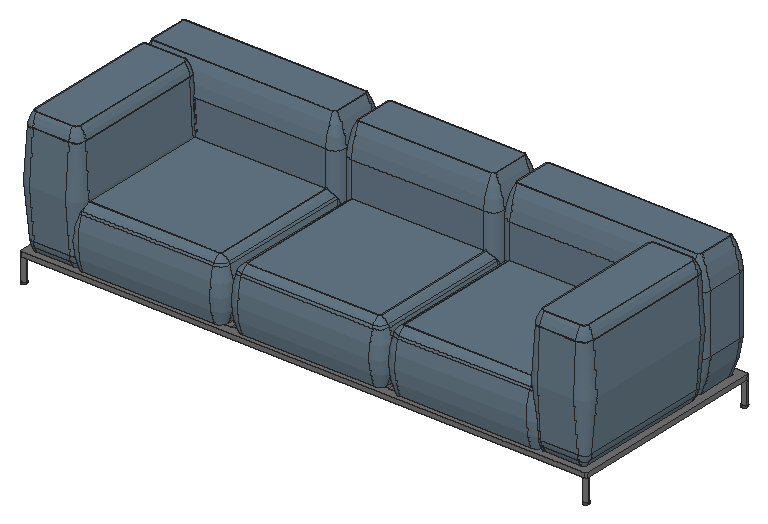
Revit family "Haworth_Mex-Hi_Sofa_TwoArms", category Furniture, Revit 2018
Family settings
  OmniClass Number = 23.40.70.14.64.21
  OmniClass Title = Systems Furniture
  Work Plane-Based = No
  Always vertical = Yes
  Cut with Voids When Loaded = No
  Shared = No
  Room Calculation Point = No
Parameters (values of type "Three Seat Sofa")
  Warranty = "http://www.haworth.com/resources/product-info/warranties"
  URL - Product = "https://www.haworth.com/na/en/products/lounge-sofas/ottomans/mex-hi-seating.html"
  URL = "https://www.haworth.com/na/en/about/brands/haworth-collection.html"
  Two Seats = no
  Trim Finish = Haworth _ Polymer _ Black
  Three Seats = not(Two Seats)  # yes
  Sustainability Info = "https://www.haworth.com/na/en/expertise/sustainability.html"
  Size = "Verify Final Dim. w/ Haworth"  # constant formula
  Seat Upholstery Finish [instance] = Haworth _ Leather _ Scozia _ Oceano ES-342
  Revision Number = "1"  # constant formula
  Model = "HCCSMHL"  # constant formula
  Manufacturer = "Haworth"  # constant formula
  Description = "Haworth - Cassina - Mex-Hi - Sofa - With Two Arms - Three Seat"
  Base Finish [instance] = Haworth _ Paint _ Matte Anthracite 69-ANT
  Back Upholstery Finish [instance] = Haworth _ Leather _ Scozia _ Oceano ES-342
  Author = "Haworth (Abd Rahman)"  # constant formula
  Assembly Code = "E2020200"
  Arm Finish [instance] = Haworth _ Leather _ Scozia _ Oceano ES-342
  Actual Width = if(Two Seats, 70.90", 98.40")  # 98.40"
  Actual Height = 28.30"  # constant formula
  Actual Depth = 35.50"  # constant formula
Reference planes (in)
  plane 1: z = 0
  plane 2 "Center L/R": x = -6.11989
  plane 3 "Center F/B": y = -11.5
  plane 4 "Top": z = 28.3
  plane 5 "Back": y = 6.25
  plane 6 "Front": y = -29.25
  plane 7 "Right": x = 43.08011
  plane 8 "Left": x = -55.31989
  plane 9: x = -19.79989
  plane 10: x = 7.56011
  plane 11: z = 4.88189
Dimensions and locks (in)
  equal spacing: plane 8 "Left", plane 2 "Center L/R", plane 7 "Right"
  "Actual Width": plane 8 "Left" to plane 7 "Right"
  equal spacing: plane 5 "Back", plane 3 "Center F/B", plane 6 "Front"
  "Actual Depth": plane 5 "Back" to plane 6 "Front"
  "Actual Height": plane 4 "Top" to plane 1
  locked: plane 10 to plane 7 "Right" at 35.52
  locked: plane 8 "Left" to plane 9 at 35.52
  aligned and locked: nested 1 to plane 5 "Back"
  aligned and locked: plane 2 "Center L/R" to nested 3
  aligned and locked: plane 3 "Center F/B" to nested 3
  aligned and locked: plane 7 "Right" to nested 1
  aligned and locked: plane 8 "Left" to nested 2
  aligned and locked: nested 7 to plane 2 "Center L/R"
  aligned and locked: nested 7 to plane 5 "Back"
  aligned and locked: plane 8 "Left" to nested 8
  aligned and locked: plane 7 "Right" to nested 9
  aligned and locked: plane 6 "Front" to nested 9
  aligned and locked: plane 6 "Front" to nested 8
  aligned and locked: plane 9 to nested 4
  aligned and locked: plane 10 to nested 6
  aligned and locked: nested 3 to plane 11
  aligned and locked: nested 2 to plane 11
  aligned and locked: plane 11 to nested 7
  aligned and locked: plane 11 to nested 1
  aligned and locked: plane 11 to nested 8
  aligned and locked: plane 11 to nested 4
  aligned and locked: plane 11 to nested 5
  aligned and locked: plane 11 to nested 6
  aligned and locked: plane 11 to nested 9
Nested families (in)
  nested 1: "Haworth_Mex-Hi_Sofa_Back-Wide-PART" at (31.83887, 9.90612, -0.04956), Back Upholstery Finish <- "Back Upholstery Finish", type "Back Wide - PART - Small"
    with Back Upholstery Finish Haworth _ Leather _ Scozia _ Oceano ES-342, Extra Small no
  nested 2: "Haworth_Mex-Hi_Sofa_Back-Wide-PART" at (-44.07865, 9.90612, -0.04956) x (-1, 0, 0) z (0, 0, 1), Back Upholstery Finish <- "Back Upholstery Finish", type "Back Wide - PART - Small"
    with Back Upholstery Finish Haworth _ Leather _ Scozia _ Oceano ES-342, Extra Small no
  nested 3: "Haworth_Mex-Hi_Sofa_Base-PART" at (0, 0, 0), Base Finish <- "Base Finish", type "Base - PART"
    with Base Finish Haworth _ Paint _ Matte Anthracite 69-ANT
  nested 4: "Haworth_Mex-Hi_Sofa_Seat-Wide-PART" at (-27.36128, -3.81836, 0), Seat Upholstery Finish <- "Seat Upholstery Finish", type "Seat Wide - PART - L/R"
    with Seat Upholstery Finish Haworth _ Leather _ Scozia _ Oceano ES-342, Peninsula Seat no, Middle Small Seat no, Middle Large Seat no, L/R Seat yes
  nested 5: "Haworth_Mex-Hi_Sofa_Seat-Wide-PART" at (0.1805, -3.81836, 0), visible <- "Three Seats", Seat Upholstery Finish <- "Seat Upholstery Finish", type "Seat Wide - PART - L/R"
    with Seat Upholstery Finish Haworth _ Leather _ Scozia _ Oceano ES-342, Peninsula Seat no, Middle Small Seat no, Middle Large Seat no, L/R Seat yes
  nested 6: "Haworth_Mex-Hi_Sofa_Seat-Wide-PART" at (27.36128, -3.81836, 0), Seat Upholstery Finish <- "Seat Upholstery Finish", type "Seat Wide - PART - L/R"
    with Seat Upholstery Finish Haworth _ Leather _ Scozia _ Oceano ES-342, Peninsula Seat no, Middle Small Seat no, Middle Large Seat no, L/R Seat yes
  nested 7: "Haworth_Mex-Hi_Sofa_Back-Wide-PART" at (0.35387, 9.90612, -0.04956), visible <- "Three Seats", Back Upholstery Finish <- "Back Upholstery Finish", type "Back Wide - PART - Extra Small"
    with Back Upholstery Finish Haworth _ Leather _ Scozia _ Oceano ES-342, Small no
  nested 8: "Haworth_Mex-Hi_Sofa_Arm-Wide-PART" at (-43.15296, -6.3526, -0.04956), Arm Finish <- "Arm Finish", type "Arm Wide - PART"
    with Arm Finish Haworth _ Leather _ Scozia _ Oceano ES-342
  nested 9: "Haworth_Mex-Hi_Sofa_Arm-Wide-PART" at (44.64704, -6.3526, -0.04956), Arm Finish <- "Arm Finish", type "Arm Wide - PART"
    with Arm Finish Haworth _ Leather _ Scozia _ Oceano ES-342
Definition of nested family "Haworth_Mex-Hi_Sofa_Back-Wide-PART"
  Parameters (values of type "Back Wide - PART - Small")
    Warranty = "http://www.haworth.com/resources/product-info/warranties"
    URL - Product = "https://www.haworth.com/na/en/products/lounge-sofas/ottomans/mex-hi-seating.html"
    URL = "https://www.haworth.com/na/en/about/brands/haworth-collection.html"
    Sustainability Info = "https://www.haworth.com/na/en/expertise/sustainability.html"
    Small = yes
    Size = "Verify Final Dim. w/ Haworth"  # constant formula
    Seat Height = 17.00"  # constant formula
    Revision Number = "1"  # constant formula
    Model = "Haworth - Cassina - Mex-Hi"  # constant formula
    Manufacturer = "Haworth"  # constant formula
    Large = no
    Extra Small = yes
    Description = "Haworth - Cassina - Mex-Hi - Back - Wide - PART"  # constant formula
    Back Upholstery Finish [instance] = none
    Author = "Haworth (Abd Rahman)"  # constant formula
    Assembly Code = "E2020200"
    Actual Width = 35.43"  # constant formula
    Actual Height = 27.39844"  # constant formula
    Actual Depth = 10.60"  # constant formula
  Types (2): name | Small | Large
    Back Wide - PART - Small | yes | no
    Back Wide - PART - Large | no | yes
  Reference planes (in)
    plane 1: z = 0
    plane 2 "Top": z = 27.39844
    plane 3: z = 17
    plane 4 "Right": x = 11.24124
    plane 5 "Left": x = -24.18876
    plane 6 "Center (Left/Right)": x = -6.47376
    plane 7 "Back": y = -3.65612
    plane 8 "Front": y = -14.25612
    plane 9 "Center (Front/Back)": y = -8.95612
    plane 10: x = -20.15376
    plane 11: x = 7.20624
  Forms (in)
    Extrusion 1, solid, material <- "Back Upholstery Finish", visible <- "Small"
      sketch origin (0, 0.1875, 0) x (1, 0, 0) y (0, 1, 0)
        loop
          line (-22.40055, -6.01823) -> (-22.40055, -12.26715)
          arc (-22.40055, -12.26715) -> (-22.28726, -12.54067) -> (-22.01374, -12.65397) r 0.38681
          line (-22.01374, -12.65397) -> (9.07786, -12.65397)
          arc (9.07786, -12.65397) -> (9.35138, -12.54067) -> (9.46468, -12.26715) r 0.38681
          line (9.46468, -12.26715) -> (9.46468, -6.01823)
          arc (9.46468, -6.01823) -> (9.35138, -5.74471) -> (9.07786, -5.63141) r 0.38681
          line (9.07786, -5.63141) -> (-22.01374, -5.63141)
          arc (-22.01374, -5.63141) -> (-22.28726, -5.74471) -> (-22.40055, -6.01823) r 0.38681
      from 4.93145 to 26.69365
    Sweep 2, solid, material <- "Back Upholstery Finish", visible <- "Small"
      path origin (0, 0.1875, 0) x (1, 0, 0) y (0, 1, 0)
        loop
          arc (-22.01374, -5.51823) -> (-22.36729, -5.66467) -> (-22.51374, -6.01823) r 0.5
          line (-22.51374, -6.01823) -> (-22.51374, -12.26715)
          arc (-22.51374, -12.26715) -> (-22.36729, -12.62071) -> (-22.01374, -12.76715) r 0.5
          line (-22.01374, -12.76715) -> (9.07786, -12.76715)
          arc (9.07786, -12.76715) -> (9.43142, -12.62071) -> (9.57786, -12.26715) r 0.5
          line (9.57786, -12.26715) -> (9.57786, -6.01823)
          arc (9.57786, -6.01823) -> (9.43142, -5.66467) -> (9.07786, -5.51823) r 0.5
          line (9.07786, -5.51823) -> (-22.01374, -5.51823)
      profile origin (-6.46794, -5.33073, 0) x (0, 1, 0) y (0, 0, 1)
        loop
          arc (1.49021, 21.44568) -> (0.98441, 24.16007) -> (-0.11319, 26.69365) r 12.32019
          line (-0.11319, 26.69365) -> (-0.11319, 4.93145)
          arc (-0.11319, 4.93145) -> (0.96903, 7.99176) -> (1.49021, 11.19568) r 18.19442
          arc (1.49021, 11.19568) -> (1.67463, 16.32068) -> (1.49021, 21.44568) r 71.30597
    Sweep 3, solid, material <- "Back Upholstery Finish", visible <- "Large"
      path origin (0, 0.1875, 0) x (1, 0, 0) y (0, 1, 0)
        loop
          arc (-29.78736, -5.63141) -> (-30.14092, -5.77786) -> (-30.28736, -6.13141) r 0.5
          line (-30.28736, -6.13141) -> (-30.28736, -12.15397)
          arc (-30.28736, -12.15397) -> (-30.14092, -12.50752) -> (-29.78736, -12.65397) r 0.5
          line (-29.78736, -12.65397) -> (8.96468, -12.65397)
          arc (8.96468, -12.65397) -> (9.31823, -12.50752) -> (9.46468, -12.15397) r 0.5
          line (9.46468, -12.15397) -> (9.46468, -6.13141)
          arc (9.46468, -6.13141) -> (9.31823, -5.77786) -> (8.96468, -5.63141) r 0.5
          line (8.96468, -5.63141) -> (-29.78736, -5.63141)
      profile origin (-10.41134, -5.44391, 0) x (0, 1, 0) y (0, 0, 1)
        loop
          arc (1.49021, 21.44568) -> (0.98441, 24.16007) -> (-0.11319, 26.69365) r 12.32019
          line (-0.11319, 26.69365) -> (-0.11319, 4.93145)
          arc (-0.11319, 4.93145) -> (0.96903, 7.99176) -> (1.49021, 11.19568) r 18.19442
          arc (1.49021, 11.19568) -> (1.67463, 16.32068) -> (1.49021, 21.44568) r 71.30597
    Extrusion 4, solid, material <- "Back Upholstery Finish", visible <- "Large"
      sketch origin (0, 0.1875, 0) x (1, 0, 0) y (0, 1, 0)
        loop
          line (-30.17418, -6.13141) -> (-30.17418, -12.15397)
          arc (-30.17418, -12.15397) -> (-30.06088, -12.42749) -> (-29.78736, -12.54078) r 0.38681
          line (-29.78736, -12.54078) -> (8.96468, -12.54078)
          arc (8.96468, -12.54078) -> (9.2382, -12.42749) -> (9.35149, -12.15397) r 0.38681
          line (9.35149, -12.15397) -> (9.35149, -6.13141)
          arc (9.35149, -6.13141) -> (9.2382, -5.85789) -> (8.96468, -5.7446) r 0.38681
          line (8.96468, -5.7446) -> (-29.78736, -5.7446)
          arc (-29.78736, -5.7446) -> (-30.06088, -5.85789) -> (-30.17418, -6.13141) r 0.38681
      from 4.93145 to 26.69365
    Sweep 5, solid, material <- "Back Upholstery Finish", visible <- "Extra Small"
      path origin (0, 0.1875, 0) x (1, 0, 0) y (0, 1, 0)
        loop
          arc (-17.90376, -5.51823) -> (-18.25731, -5.66467) -> (-18.40376, -6.01823) r 0.5
          line (-18.40376, -6.01823) -> (-18.40376, -12.26715)
          arc (-18.40376, -12.26715) -> (-18.25731, -12.62071) -> (-17.90376, -12.76715) r 0.5
          line (-17.90376, -12.76715) -> (4.95624, -12.76715)
          arc (4.95624, -12.76715) -> (5.30979, -12.62071) -> (5.45624, -12.26715) r 0.5
          line (5.45624, -12.26715) -> (5.45624, -6.01823)
          arc (5.45624, -6.01823) -> (5.30979, -5.66467) -> (4.95624, -5.51823) r 0.5
          line (4.95624, -5.51823) -> (-17.90376, -5.51823)
      profile origin (-6.47376, -5.33073, 0) x (0, 1, 0) y (0, 0, 1)
        loop
          arc (1.49021, 21.44568) -> (0.98441, 24.16007) -> (-0.11319, 26.69365) r 12.32019
          line (-0.11319, 26.69365) -> (-0.11319, 4.93145)
          arc (-0.11319, 4.93145) -> (0.96903, 7.99176) -> (1.49021, 11.19568) r 18.19442
          arc (1.49021, 11.19568) -> (1.67463, 16.32068) -> (1.49021, 21.44568) r 71.30597
    Extrusion 6, solid, material <- "Back Upholstery Finish", visible <- "Extra Small"
      sketch origin (0, 0.1875, 0) x (1, 0, 0) y (0, 1, 0)
        loop
          line (-18.29057, -6.01823) -> (-18.29057, -12.26715)
          arc (-18.29057, -12.26715) -> (-18.17728, -12.54067) -> (-17.90376, -12.65397) r 0.38681
          line (-17.90376, -12.65397) -> (4.95624, -12.65397)
          arc (4.95624, -12.65397) -> (5.22976, -12.54067) -> (5.34306, -12.26715) r 0.38681
          line (5.34306, -12.26715) -> (5.34306, -6.01823)
          arc (5.34306, -6.01823) -> (5.22976, -5.74471) -> (4.95624, -5.63141) r 0.38681
          line (4.95624, -5.63141) -> (-17.90376, -5.63141)
          arc (-17.90376, -5.63141) -> (-18.17728, -5.74471) -> (-18.29057, -6.01823) r 0.38681
      from 4.93145 to 26.69365
  Lines and regions (in)
    Masking region 1, visible <- "Large"
      outline origin (0, 0, 0) x (1, 0, 0) y (0, 1, 0)
        loop
          line (-31.95339, -5.80612) -> (-31.95339, -12.10612)
          arc (-31.95339, -12.10612) -> (-31.32367, -13.6264) -> (-29.80339, -14.25612) r 2.15
          line (-29.80339, -14.25612) -> (9.0884, -14.25612)
          arc (9.0884, -14.25612) -> (10.61069, -13.62556) -> (11.24124, -12.10328) r 2.15284
          line (11.24124, -12.10328) -> (11.24124, -5.80612)
          arc (11.24124, -5.80612) -> (10.61152, -4.28584) -> (9.09124, -3.65612) r 2.15
          line (9.09124, -3.65612) -> (-29.80339, -3.65612)
          arc (-29.80339, -3.65612) -> (-31.32367, -4.28584) -> (-31.95339, -5.80612) r 2.15
    Masking region 2, visible <- "Small"
      outline origin (0, 0, 0) x (1, 0, 0) y (0, 1, 0)
        loop
          line (-24.18876, -5.80612) -> (-24.18876, -12.10612)
          arc (-24.18876, -12.10612) -> (-23.55904, -13.6264) -> (-22.03876, -14.25612) r 2.15
          line (-22.03876, -14.25612) -> (9.0884, -14.25612)
          arc (9.0884, -14.25612) -> (10.61069, -13.62556) -> (11.24124, -12.10328) r 2.15284
          line (11.24124, -12.10328) -> (11.24124, -5.80612)
          arc (11.24124, -5.80612) -> (10.61152, -4.28584) -> (9.09124, -3.65612) r 2.15
          line (9.09124, -3.65612) -> (-22.03876, -3.65612)
          arc (-22.03876, -3.65612) -> (-23.55904, -4.28584) -> (-24.18876, -5.80612) r 2.15
    Masking region 3, visible <- "Extra Small"
      outline origin (0, 0, 0) x (1, 0, 0) y (0, 1, 0)
        loop
          line (-20.15376, -5.80612) -> (-20.15376, -12.10612)
          arc (-20.15376, -12.10612) -> (-19.52404, -13.6264) -> (-18.00376, -14.25612) r 2.15
          line (-18.00376, -14.25612) -> (5.0534, -14.25612)
          arc (5.0534, -14.25612) -> (6.57569, -13.62556) -> (7.20624, -12.10328) r 2.15284
          line (7.20624, -12.10328) -> (7.20624, -5.80612)
          arc (7.20624, -5.80612) -> (6.57652, -4.28584) -> (5.05624, -3.65612) r 2.15
          line (5.05624, -3.65612) -> (-18.00376, -3.65612)
          arc (-18.00376, -3.65612) -> (-19.52404, -4.28584) -> (-20.15376, -5.80612) r 2.15
  Dimensions and locks (in)
    "Actual Height": plane 2 "Top" to plane 1
    "Seat Height": plane 3 to level
    equal spacing: plane 5 "Left", plane 6 "Center (Left/Right)", plane 4 "Right"
    "Actual Width": plane 5 "Left" to plane 4 "Right"
    equal spacing: plane 8 "Front", plane 9 "Center (Front/Back)", plane 7 "Back"
    "Actual Depth": plane 8 "Front" to plane 7 "Back"
    Masking region 3 sketch curve to plane 6 "Center (Left/Right)" to Masking region 3 sketch curve = 13.68", 13.68"
  Automatic sketch dimensions
    Extrusion 1 sketch curve to plane 5 "Left" = 1.78821"
    Extrusion 1 sketch curve to Extrusion 1 sketch curve = 0.38681"  (x3)
    Extrusion 1 sketch curve to plane 4 "Right" = 2.16338"  (x2)
    plane 8 "Front" to Extrusion 1 sketch curve = 1.78965"
    plane 7 "Back" to Extrusion 1 sketch curve = 2.17461"
    Sweep 2 sketch curve to plane 5 "Left" = 1.67502"
    Sweep 2 sketch curve to Sweep 2 sketch curve = 0.50"  (x3)
    Sweep 2 sketch curve to plane 4 "Right" = 2.16338"  (x2)
    plane 8 "Front" to Sweep 2 sketch curve = 1.67646"
    plane 7 "Back" to Sweep 2 sketch curve = 2.17461"
    level to Sweep 2 sketch curve = 16.32068"
    profile plane to Sweep 2 sketch curve = 69.63135"
    profile plane to Sweep 2 sketch curve = 16.65715"
    Sweep 2 sketch curve to Sweep 2 sketch curve = 5.85904"
    profile plane to Sweep 2 sketch curve = 0.11319"
    level to Sweep 2 sketch curve = 12.50337"
    level to Sweep 2 sketch curve = 4.93145"
    Sweep 2 sketch curve to Sweep 2 sketch curve = 8.05681"
    Sweep 2 sketch curve to Sweep 2 sketch curve = 6.13346"
    Sweep 2 sketch curve to Sweep 2 sketch curve = 0.00"
    Masking region 1 sketch curve to plane 8 "Front" = 0.00"
    plane 7 "Back" to Masking region 1 sketch curve = 0.00"
    Masking region 1 sketch curve to plane 4 "Right" = 0.00"
    Masking region 1 sketch curve to plane 4 "Right" = 2.15"
    Masking region 1 sketch curve to Masking region 1 sketch curve = 2.15284"
    plane 7 "Back" to Masking region 1 sketch curve = 2.15"
    plane 5 "Left" to Masking region 1 sketch curve = 5.61464"
    Masking region 1 sketch curve to Masking region 1 sketch curve = 2.15"
    plane 8 "Front" to Sweep 3 sketch curve = 2.28965"
    plane 5 "Left" to Sweep 3 sketch curve = 6.09861"
    Sweep 3 sketch curve to Sweep 3 sketch curve = 0.50"  (x3)
    Sweep 3 sketch curve to plane 4 "Right" = 2.27656"  (x2)
    plane 7 "Back" to Sweep 3 sketch curve = 2.2878"
    level to Sweep 3 sketch curve = 16.32068"
    profile plane to Sweep 3 sketch curve = 69.63135"
    profile plane to Sweep 3 sketch curve = 16.65715"
    Sweep 3 sketch curve to Sweep 3 sketch curve = 5.85904"
    profile plane to Sweep 3 sketch curve = 0.11319"
    level to Sweep 3 sketch curve = 12.50337"
    level to Sweep 3 sketch curve = 4.93145"
    Sweep 3 sketch curve to Sweep 3 sketch curve = 8.05681"
    Sweep 3 sketch curve to Sweep 3 sketch curve = 6.13346"
    Sweep 3 sketch curve to Sweep 3 sketch curve = 0.00"
    plane 7 "Back" to Extrusion 4 sketch curve = 2.2878"
    plane 5 "Left" to Extrusion 4 sketch curve = 5.98542"
    Extrusion 4 sketch curve to Extrusion 4 sketch curve = 0.38681"  (x3)
    Extrusion 4 sketch curve to plane 4 "Right" = 2.27656"  (x2)
    plane 8 "Front" to Extrusion 4 sketch curve = 2.28965"
    Masking region 2 sketch curve to plane 5 "Left" = 0.00"
    Masking region 2 sketch curve to plane 8 "Front" = 0.00"
    plane 7 "Back" to Masking region 2 sketch curve = 0.00"
    Masking region 2 sketch curve to plane 4 "Right" = 0.00"
    Masking region 2 sketch curve to plane 5 "Left" = 2.15"  (x2)
    Masking region 2 sketch curve to plane 4 "Right" = 2.15284"
    Masking region 2 sketch curve to Masking region 2 sketch curve = 2.15"
    Masking region 3 sketch curve to plane 8 "Front" = 0.00"
    plane 7 "Back" to Masking region 3 sketch curve = 0.00"
    plane 8 "Front" to Masking region 3 sketch curve = 2.15"
    Masking region 3 sketch curve to Masking region 3 sketch curve = 2.15"
    Masking region 3 sketch curve to Masking region 3 sketch curve = 2.15284"
    plane 7 "Back" to Masking region 3 sketch curve = 2.15"
    plane 8 "Front" to Sweep 5 sketch curve = 2.17646"  (x2)
    Sweep 5 sketch curve to plane 5 "Left" = 5.785"
    Sweep 5 sketch curve to Sweep 5 sketch curve = 0.50"  (x3)
    Sweep 5 sketch curve to plane 4 "Right" = 6.285"
    plane 7 "Back" to Sweep 5 sketch curve = 2.17461"
    level to Sweep 5 sketch curve = 16.32068"
    profile plane to Sweep 5 sketch curve = 69.63135"
    profile plane to Sweep 5 sketch curve = 16.65715"
    Sweep 5 sketch curve to Sweep 5 sketch curve = 5.85904"
    profile plane to Sweep 5 sketch curve = 0.11319"
    level to Sweep 5 sketch curve = 12.50337"
    level to Sweep 5 sketch curve = 4.93145"
    Sweep 5 sketch curve to Sweep 5 sketch curve = 8.05681"
    Sweep 5 sketch curve to Sweep 5 sketch curve = 6.13346"
    Sweep 5 sketch curve to Sweep 5 sketch curve = 0.00"
    Extrusion 6 sketch curve to plane 5 "Left" = 5.89819"
    Extrusion 6 sketch curve to Extrusion 6 sketch curve = 0.38681"  (x3)
    Extrusion 6 sketch curve to plane 4 "Right" = 6.285"  (x2)
    plane 8 "Front" to Extrusion 6 sketch curve = 1.78965"
    plane 7 "Back" to Extrusion 6 sketch curve = 2.17461"
Definition of nested family "Haworth_Mex-Hi_Sofa_Base-PART"
  Parameters (values of type "Base - PART")
    Warranty = "http://www.haworth.com/resources/product-info/warranties"
    URL - Product = "https://www.haworth.com/na/en/products/lounge-sofas/ottomans/mex-hi-seating.html"
    URL = "https://www.haworth.com/na/en/about/brands/haworth-collection.html"
    Two Seats = no
    Trim Finish = none
    Three Seats = yes
    Sustainability Info = "https://www.haworth.com/na/en/expertise/sustainability.html"
    Size = "Verify Final Dim. w/ Haworth"  # constant formula
    Revision Number = "1"  # constant formula
    Model = "Haworth - Cassina - Mex-Hi"  # constant formula
    Manufacturer = "Haworth"  # constant formula
    Description = "Haworth - Cassina - Mex-Hi - Sofa - Base - PART"  # constant formula
    Base Finish [instance] = none
    Author = "Haworth (Abd Rahman)"  # constant formula
    Assembly Code = "E2020200"
    Actual Width = 98.40"
    Actual Height = 28.30"  # constant formula
    Actual Depth = 35.50"
  Reference planes (in)
    plane 1: z = 0
    plane 2 "Center L/R": x = -6.11989
    plane 3 "Center F/B": y = -11.5
    plane 4 "Top": z = 28.3
    plane 5 "Back": y = 6.25
    plane 6 "Front": y = -29.25
    plane 7 "Right": x = 43.08011
    plane 8 "Left": x = -55.31989
    plane 9: x = 8.61121
    plane 10: x = 7.43011
    plane 11: x = -19.66989
    plane 12: x = -20.851
    plane 13: y = 4.4803
    plane 14: y = 3.20078
    plane 15: y = 2.01967
    plane 16: y = -4.67324
    plane 17: y = -5.85434
    plane 18: y = -24.9511
    plane 19: y = -26.1322
    plane 20: y = -27.40946
    plane 21: y = 6.04866
    plane 22: y = -28.9838
    plane 23: x = -53.5182
    plane 24: x = 41.33743
    plane 25: x = 42.90823
    plane 26: x = -55.09253
    plane 27: x = 8.0169
    plane 28: x = -20.26044
    plane 29: y = -17.07481
    plane 30: y = -5.26247
    plane 31: x = -6.6827
    plane 32: x = -5.5016
  Forms (in)
    Extrusion 1, solid, material <- "Base Finish"
      sketch origin (-0.25, 0.4375, 0) x (1, 0, 0) y (0, 1, 0)
        loop
          line (42.78209, 5.61116) -> (-54.46639, 5.61116)
          arc (-54.46639, 5.61116) -> (-54.73236, 5.50099) -> (-54.84253, 5.23502) r 0.37614
          line (-54.84253, 5.23502) -> (-54.84253, -29.03536)
          arc (-54.84253, -29.03536) -> (-54.72949, -29.30826) -> (-54.4566, -29.4213) r 0.38594
          line (-54.4566, -29.4213) -> (42.87505, -29.4213)
          arc (42.87505, -29.4213) -> (43.07529, -29.33835) -> (43.15823, -29.13811) r 0.28319
          line (43.15823, -29.13811) -> (43.15823, 5.23502)
          arc (43.15823, 5.23502) -> (43.04806, 5.50099) -> (42.78209, 5.61116) r 0.37614
        loop
          line (41.58743, -5.11074) -> (41.58743, 1.58217) -> (-53.2682, 1.58217) -> (-53.2682, -5.11074) -> (41.58743, -5.11074)
        loop
          line (-53.2682, 2.76328) -> (41.58743, 2.76328) -> (41.58743, 4.0428) -> (-53.2682, 4.0428) -> (-53.2682, 2.76328)
        loop
          line (41.58743, -6.29184) -> (-53.2682, -6.29184) -> (-53.2682, -25.3886) -> (41.58743, -25.3886) -> (41.58743, -6.29184)
        loop
          line (41.58743, -26.5697) -> (-53.2682, -26.5697) -> (-53.2682, -27.84696) -> (41.58743, -27.84696) -> (41.58743, -26.5697)
      from 4.08098 to 4.88189
    Extrusion 2, solid, material <- "Base Finish"
      sketch origin (-0.25, 0.4375, 0) x (1, 0, 0) y (0, 1, 0)
        loop
          circle (-54.44883, 5.22344) r 0.41206
        loop
          circle (42.77054, -29.02659) r 0.41206
        loop
          circle (42.77363, 5.22313) r 0.41206
        loop
          circle (-54.44602, -29.0239) r 0.41206
      from 0 to 4.08098
    Extrusion 3, solid, material <- "Trim Finish"
      sketch origin (-0.25, 0.4375, 0) x (1, 0, 0) y (0, 1, 0)
        loop
          circle (-54.44883, 5.22344) r 0.49213
        loop
          circle (-54.44883, -29.02999) r 0.49213
        loop
          circle (42.77154, 5.22344) r 0.49213
        loop
          circle (42.76782, -29.02818) r 0.49213
      from 0 to 0.23622
    Extrusion 4, solid, material <- "Base Finish", visible <- "Two Seats"
      sketch origin (0, 0, 0) x (1, 0, 0) y (0, 1, 0)
        loop
          line (-5.5016, -27.40946) -> (-5.5016, 6.04866) -> (-6.6827, 6.04866) -> (-6.6827, -27.40946) -> (-5.5016, -27.40946)
      from 4.08098 to 4.88189
    Extrusion 5, solid, material <- "Base Finish", visible <- "Three Seats"
      sketch origin (-17.68716, 0, 0) x (1, 0, 0) y (0, 1, 0)
        loop
          line (-1.98273, -27.40946) -> (-1.98273, 6.04866) -> (-3.16383, 6.04866) -> (-3.16383, -27.40946) -> (-1.98273, -27.40946)
      from 4.08098 to 4.88189
    Extrusion 6, solid, material <- "Base Finish", visible <- "Three Seats"
      sketch origin (17.7459, 0, 0) x (1, 0, 0) y (0, 1, 0)
        loop
          line (-9.1347, -27.40946) -> (-9.1347, 6.04866) -> (-10.3158, 6.04866) -> (-10.3158, -27.40946) -> (-9.1347, -27.40946)
      from 4.08098 to 4.88189
    Extrusion 7, solid, material <- "Trim Finish", visible <- "Two Seats"
      sketch origin (0, 0, 0) x (1, 0, 0) y (0, 1, 0)
        loop
          circle (-6.11989, -17.07481) r 0.49213
        loop
          circle (-6.11989, -5.26247) r 0.49213
      from 0 to 0.23622
    Extrusion 8, solid, material <- "Trim Finish", visible <- "Two Seats"
      sketch origin (0, 0, 0) x (1, 0, 0) y (0, 1, 0)
        loop
          circle (-6.11989, -17.07481) r 0.41206
        loop
          circle (-6.11989, -5.26247) r 0.41206
      from 0 to 4.08098
    Extrusion 9, solid, material <- "Trim Finish", visible <- "Three Seats"
      sketch origin (0, 0, 0) x (1, 0, 0) y (0, 1, 0)
        loop
          circle (-20.26044, -17.07481) r 0.41206
        loop
          circle (-20.26044, -5.26247) r 0.41206
        loop
          circle (8.0169, -5.26247) r 0.41206
        loop
          circle (8.0169, -17.07481) r 0.41206
      from 0 to 4.08098
    Extrusion 10, solid, material <- "Trim Finish", visible <- "Three Seats"
      sketch origin (0, 0, 0) x (1, 0, 0) y (0, 1, 0)
        loop
          circle (-20.26044, -17.07481) r 0.49213
        loop
          circle (-20.26044, -5.26247) r 0.49213
        loop
          circle (8.0169, -5.26247) r 0.49213
        loop
          circle (8.0169, -17.07481) r 0.49213
      from 0 to 0.23622
  Lines and regions (in)
    symbolic lines
      curve 1: line (-55.09253, 6.04866, 0) -> (42.90823, 6.04866, 0)
      curve 2: line (-55.09253, -28.9838, 0) -> (-55.09253, 6.04866, 0)
      curve 3: line (42.90823, -28.9838, 0) -> (-55.09253, -28.9838, 0)
      curve 4: line (42.90823, 6.04866, 0) -> (42.90823, -28.9838, 0)
      curve 5: line (-53.5182, -27.40946, 0) -> (-20.851, -27.40946, 0)
      curve 6: line (-53.5182, -26.1322, 0) -> (-53.5182, -27.40946, 0)
      curve 7: line (-20.851, -26.1322, 0) -> (-53.5182, -26.1322, 0)
      curve 8: line (-20.851, -27.40946, 0) -> (-20.851, -26.1322, 0)
      curve 9: line (7.43011, -27.40946, 0) -> (-19.66989, -27.40946, 0)
      curve 10: line (7.43011, -26.1322, 0) -> (7.43011, -27.40946, 0)
      curve 11: line (-19.66989, -26.1322, 0) -> (7.43011, -26.1322, 0)
      curve 12: line (-19.66989, -27.40946, 0) -> (-19.66989, -26.1322, 0)
      curve 13: line (8.61121, -26.1322, 0) -> (41.33743, -26.1322, 0)
      curve 14: line (8.61121, -27.40946, 0) -> (8.61121, -26.1322, 0)
      curve 15: line (41.33743, -27.40946, 0) -> (8.61121, -27.40946, 0)
      curve 16: line (41.33743, -26.1322, 0) -> (41.33743, -27.40946, 0)
      curve 17: line (41.33743, -24.9511, 0) -> (8.61121, -24.9511, 0)
      curve 18: line (41.33743, -5.85434, 0) -> (41.33743, -24.9511, 0)
      curve 19: line (8.61121, -5.85434, 0) -> (41.33743, -5.85434, 0)
      curve 20: line (8.61121, -24.9511, 0) -> (8.61121, -5.85434, 0)
      curve 21: line (41.33743, -4.67324, 0) -> (8.61121, -4.67324, 0)
      curve 22: line (41.33743, 2.01967, 0) -> (41.33743, -4.67324, 0)
      curve 23: line (8.61121, 2.01967, 0) -> (41.33743, 2.01967, 0)
      curve 25: line (7.43011, 2.01967, 0) -> (-19.66989, 2.01967, 0)
      curve 27: line (-19.66989, -4.67324, 0) -> (7.43011, -4.67324, 0)
      curve 28: line (-19.66989, 2.01967, 0) -> (-19.66989, -4.67324, 0)
      curve 29: line (-19.66989, -5.85434, 0) -> (7.43011, -5.85434, 0)
      curve 30: line (-19.66989, -24.9511, 0) -> (-19.66989, -5.85434, 0)
      curve 31: line (7.43011, -24.9511, 0) -> (-19.66989, -24.9511, 0)
      curve 32: line (7.43011, -5.85434, 0) -> (7.43011, -24.9511, 0)
      curve 33: line (-20.851, -24.9511, 0) -> (-53.5182, -24.9511, 0)
      curve 35: line (-53.5182, -5.85434, 0) -> (-20.851, -5.85434, 0)
      curve 36: line (-53.5182, -24.9511, 0) -> (-53.5182, -5.85434, 0)
      curve 37: line (-53.5182, -4.67324, 0) -> (-20.851, -4.67324, 0)
      curve 38: line (-53.5182, 2.01967, 0) -> (-53.5182, -4.67324, 0)
      curve 39: line (-20.851, 2.01967, 0) -> (-53.5182, 2.01967, 0)
      curve 40: line (-20.851, -4.67324, 0) -> (-20.851, 2.01967, 0)
      curve 41: line (-53.5182, 4.4803, 0) -> (-20.851, 4.4803, 0)
      curve 42: line (-53.5182, 3.20078, 0) -> (-53.5182, 4.4803, 0)
      curve 43: line (-20.851, 3.20078, 0) -> (-53.5182, 3.20078, 0)
      curve 44: line (-20.851, 4.4803, 0) -> (-20.851, 3.20078, 0)
      curve 45: line (7.43011, 3.20078, 0) -> (-19.66989, 3.20078, 0)
      curve 46: line (7.43011, 4.4803, 0) -> (7.43011, 3.20078, 0)
      curve 47: line (-19.66989, 4.4803, 0) -> (7.43011, 4.4803, 0)
      curve 49: line (41.33743, 3.20078, 0) -> (8.61121, 3.20078, 0)
      curve 50: line (41.33743, 4.4803, 0) -> (41.33743, 3.20078, 0)
      curve 51: line (8.61121, 4.4803, 0) -> (41.33743, 4.4803, 0)
      curve 52: line (8.61121, 3.20078, 0) -> (8.61121, 4.4803, 0)
    symbolic lines, visible <- "Three Seats"
      curve 24: line (8.61121, -27.40946, 0) -> (8.61121, 4.4803, 0)
      curve 26: line (7.43011, -27.40946, 0) -> (7.43011, 4.4803, 0)
      curve 34: line (-20.851, 4.4803, 0) -> (-20.851, -27.40946, 0)
      curve 48: line (-19.66989, -27.40946, 0) -> (-19.66989, 4.4803, 0)
    symbolic lines, visible <- "Two Seats"
      curve 53: line (-6.6827, 6.04866, 0) -> (-5.5016, 6.04866, 0)
      curve 54: line (-6.6827, -27.40946, 0) -> (-6.6827, 6.04866, 0)
      curve 55: line (-5.5016, -27.40946, 0) -> (-6.6827, -27.40946, 0)
      curve 56: line (-5.5016, 6.04866, 0) -> (-5.5016, -27.40946, 0)
  Dimensions and locks (in)
    equal spacing: plane 8 "Left", plane 2 "Center L/R", plane 7 "Right"
    "Actual Width": plane 8 "Left" to plane 7 "Right"
    equal spacing: plane 5 "Back", plane 3 "Center F/B", plane 6 "Front"
    "Actual Depth": plane 5 "Back" to plane 6 "Front"
    "Actual Height": plane 4 "Top" to plane 1
    plane 18 to plane 19 to plane 20 to plane 22 to plane 6 "Front" = 1.1811" locked, 1.27726" locked, 1.57434" locked, 0.2662" locked
    plane 5 "Back" to plane 21 to plane 13 to plane 14 to plane 15 to plane 16 to plane 17 = 0.20134" locked, 1.56835" locked, 1.27953" locked, 1.1811" locked, 6.69291" locked, 1.1811" locked
    plane 30 to plane 3 "Center F/B" to plane 29 = 6.23753" locked, 5.57481" locked
    plane 31 to plane 2 "Center L/R" to plane 32 = 0.56281" locked, 0.61829" locked
    plane 10 to plane 27 to plane 9 = 0.58679" locked, 0.59431" locked
    plane 12 to plane 28 to plane 11 = 0.59055" locked, 0.59055" locked
    plane 24 to plane 25 to plane 7 "Right" = 1.5708" locked, 0.17188" locked
    plane 8 "Left" to plane 26 to plane 23 = 0.22736" locked, 1.57433" locked
    plane 9 to plane 24 = 32.72622"
    plane 23 to plane 12 = 32.6672"
    aligned and locked: Extrusion 1 to plane 13
    aligned and locked: plane 14 to Extrusion 1
    aligned and locked: Extrusion 1 to plane 15
    aligned and locked: plane 16 to Extrusion 1
    aligned and locked: Extrusion 1 to plane 17
    aligned and locked: plane 18 to Extrusion 1
    aligned and locked: Extrusion 1 to plane 19
    aligned and locked: Extrusion 1 to plane 20
    aligned and locked: plane 26 to Extrusion 1  (x2)
    aligned and locked: Extrusion 1 to plane 23  (x4)
    aligned and locked: Extrusion 1 to plane 25  (x2)
    aligned and locked: plane 24 to Extrusion 1  (x4)
    aligned and locked: curve 2 to plane 26
    aligned and locked: plane 21 to Extrusion 1
    aligned and locked: plane 14 to curve 43
    aligned and locked: plane 15 to curve 39
    aligned and locked: curve 37 to plane 16
    aligned and locked: curve 35 to plane 17
    aligned and locked: plane 18 to curve 33
    aligned and locked: plane 19 to curve 7
    aligned and locked: plane 20 to curve 5
    aligned and locked: plane 23 to curve 6
    aligned and locked: curve 36 to plane 23
    aligned and locked: plane 23 to curve 38
    aligned and locked: curve 42 to plane 23
    aligned and locked: plane 12 to curve 44
    aligned and locked: curve 40 to plane 12
    aligned and locked: curve 8 to plane 12
    aligned and locked: curve 12 to plane 11
    aligned and locked: curve 30 to plane 11
    aligned and locked: plane 11 to curve 28
    aligned and locked: plane 10 to curve 46
    aligned and locked: curve 26 to plane 10
    aligned and locked: plane 10 to curve 32
    aligned and locked: plane 10 to curve 10
    aligned and locked: curve 14 to plane 9
    aligned and locked: curve 20 to plane 9
    aligned and locked: curve 52 to plane 9
    aligned and locked: plane 24 to curve 50
    aligned and locked: plane 24 to curve 22
    aligned and locked: plane 24 to curve 18
    aligned and locked: plane 24 to curve 16
    aligned and locked: plane 25 to curve 4
    aligned and locked: Extrusion 1 to plane 22
    aligned and locked: curve 15 to plane 20
    aligned and locked: curve 13 to plane 19
    aligned and locked: plane 18 to curve 17
    aligned and locked: curve 19 to plane 17
    aligned and locked: plane 16 to curve 21
    aligned and locked: curve 23 to plane 15
    aligned and locked: plane 14 to curve 49
    aligned and locked: curve 51 to plane 13
    aligned and locked: curve 1 to plane 21
    aligned and locked: curve 47 to plane 13
    aligned and locked: plane 14 to curve 45
    aligned and locked: plane 15 to curve 25
    aligned and locked: curve 27 to plane 16
    aligned and locked: curve 29 to plane 17
    aligned and locked: plane 18 to curve 31
    aligned and locked: curve 11 to plane 19
    aligned and locked: curve 9 to plane 20
    aligned and locked: plane 22 to curve 3
    aligned and locked: plane 15 to nested 2
    aligned and locked: plane 15 to nested 3
    aligned and locked: plane 15 to nested 8
    aligned and locked: plane 15 to nested 9
    aligned and locked: plane 17 to nested 13
    aligned and locked: plane 17 to nested 10
    aligned and locked: plane 17 to nested 7
    aligned and locked: plane 17 to nested 4
    aligned and locked: plane 17 to nested 14
    aligned and locked: nested 1 to plane 18
    aligned and locked: nested 5 to plane 18
    aligned and locked: nested 6 to plane 18
    aligned and locked: nested 12 to plane 18
    aligned and locked: nested 11 to plane 18
    aligned and locked: nested 1 to Extrusion 1
    aligned and locked: Extrusion 1 to Extrusion 4  (x2)
    aligned and locked: Extrusion 4 to plane 32
    aligned and locked: plane 31 to Extrusion 4
    aligned and locked: plane 32 to Extrusion 4 sketch curve
    aligned and locked: Extrusion 4 sketch curve to plane 31
    aligned and locked: Extrusion 4 sketch curve to plane 21
    aligned and locked: Extrusion 4 sketch curve to plane 20
    aligned and locked: plane 9 to Extrusion 6 sketch curve
    aligned and locked: Extrusion 6 sketch curve to plane 10
    aligned and locked: Extrusion 6 sketch curve to plane 21
    aligned and locked: Extrusion 6 sketch curve to plane 20
    aligned and locked: plane 11 to Extrusion 5 sketch curve
    aligned and locked: Extrusion 5 sketch curve to plane 12
    aligned and locked: Extrusion 5 sketch curve to plane 21
    aligned and locked: Extrusion 5 sketch curve to plane 20
    aligned and locked: plane 29 to Extrusion 7 sketch curve
    aligned and locked: plane 2 "Center L/R" to Extrusion 7 sketch curve  (x2)
    aligned and locked: plane 30 to Extrusion 7 sketch curve
    aligned and locked: Extrusion 3 to Extrusion 7
    aligned and locked: plane 29 to Extrusion 8 sketch curve
    aligned and locked: plane 2 "Center L/R" to Extrusion 8 sketch curve  (x2)
    aligned and locked: plane 30 to Extrusion 8 sketch curve
    aligned and locked: Extrusion 8 to Extrusion 1
    aligned and locked: plane 29 to Extrusion 9 sketch curve  (x2)
    aligned and locked: plane 30 to Extrusion 9 sketch curve  (x2)
    aligned and locked: plane 28 to Extrusion 9 sketch curve  (x2)
    aligned and locked: plane 27 to Extrusion 9 sketch curve  (x2)
    aligned and locked: Extrusion 9 to Extrusion 1
    aligned and locked: plane 28 to Extrusion 10 sketch curve  (x2)
    aligned and locked: plane 27 to Extrusion 10 sketch curve  (x2)
    aligned and locked: plane 30 to Extrusion 10 sketch curve  (x2)
    aligned and locked: plane 29 to Extrusion 10 sketch curve  (x2)
    aligned and locked: Extrusion 10 to Extrusion 7
  Automatic sketch dimensions
    Extrusion 1 sketch curve to plane 26 = 0.00"
    Extrusion 1 sketch curve to plane 21 = 0.00"
    Extrusion 1 sketch curve to plane 22 = 0.00"
    plane 20 to Extrusion 1 sketch curve = 0.00"
    Extrusion 1 sketch curve to plane 23 = 0.00"  (x4)
    Extrusion 1 sketch curve to plane 18 = 0.00"
    Extrusion 1 sketch curve to plane 13 = 0.00"
    Extrusion 1 sketch curve to plane 16 = 0.00"
    Extrusion 1 sketch curve to plane 24 = 0.00"  (x4)
    Extrusion 1 sketch curve to plane 14 = 0.00"
    Extrusion 1 sketch curve to plane 15 = 0.00"
    Extrusion 1 sketch curve to plane 25 = 0.00"
    Extrusion 1 sketch curve to plane 19 = 0.00"
    Extrusion 1 sketch curve to plane 17 = 0.00"
    Extrusion 1 sketch curve to Extrusion 1 sketch curve = 0.37614"
    plane 22 to Extrusion 1 sketch curve = 0.38594"
    plane 25 to Extrusion 1 sketch curve = 0.37614"
    Extrusion 1 sketch curve to Extrusion 1 sketch curve = 0.28319"
    Extrusion 2 sketch curve to plane 26 = 0.39651"
    Extrusion 2 sketch curve to plane 26 = 0.3937"
    plane 25 to Extrusion 2 sketch curve = 0.38769"
    plane 25 to Extrusion 2 sketch curve = 0.3846"
    plane 22 to Extrusion 2 sketch curve = 0.39739"
    plane 22 to Extrusion 2 sketch curve = 0.39471"
    Extrusion 2 sketch curve to plane 21 = 0.38803"
    Extrusion 2 sketch curve to plane 21 = 0.38772"
    Extrusion 3 sketch curve to plane 26 = 0.3937"  (x2)
    plane 25 to Extrusion 3 sketch curve = 0.39041"
    plane 25 to Extrusion 3 sketch curve = 0.38669"
    plane 22 to Extrusion 3 sketch curve = 0.39311"
    plane 22 to Extrusion 3 sketch curve = 0.39131"
    Extrusion 3 sketch curve to plane 21 = 0.38772"  (x2)
    plane 20 to curve 55 = 0.00"
    curve 55 to plane 31 = 0.00"
    curve 55 to plane 32 = 0.00"
    curve 44 to plane 13 = 0.00"
    curve 53 to plane 21 = 0.00"
    radius of Extrusion 2 sketch curve = 0.41206"  (x4)
    radius of Extrusion 3 sketch curve = 0.49213"  (x4)
    radius of Extrusion 7 sketch curve = 0.49213"  (x2)
    radius of Extrusion 8 sketch curve = 0.41206"  (x2)
    radius of Extrusion 9 sketch curve = 0.41206"  (x4)
    radius of Extrusion 10 sketch curve = 0.49213"  (x4)
  Nested families (in)
    nested 1: "Haworth_Mex-Hi_Sofa_Knob-PART" at (-41.10041, -14.04791, 0.00098), visible <- "Three Seats", type "Knob - PART"
    nested 2: "Haworth_Mex-Hi_Sofa_Knob-PART" at (-21.10041, 13.65777, 0), type "Knob - PART"
    nested 3: "Haworth_Mex-Hi_Sofa_Knob-PART" at (-13.66357, 13.65777, 0), type "Knob - PART"
    nested 4: "Haworth_Mex-Hi_Sofa_Knob-PART" at (-13.66357, 5.78375, 0), type "Knob - PART"
    nested 5: "Haworth_Mex-Hi_Sofa_Knob-PART" at (-13.66357, -14.04791, 0), type "Knob - PART"
    nested 6: "Haworth_Mex-Hi_Sofa_Knob-PART" at (14.33643, -14.04791, 0), type "Knob - PART"
    nested 7: "Haworth_Mex-Hi_Sofa_Knob-PART" at (14.33643, 5.78375, 0), type "Knob - PART"
    nested 8: "Haworth_Mex-Hi_Sofa_Knob-PART" at (14.33643, 13.65777, 0), type "Knob - PART"
    nested 9: "Haworth_Mex-Hi_Sofa_Knob-PART" at (21.51753, 13.65777, 0), type "Knob - PART"
    nested 10: "Haworth_Mex-Hi_Sofa_Knob-PART" at (21.51753, 5.78375, 0), type "Knob - PART"
    nested 11: "Haworth_Mex-Hi_Sofa_Knob-PART" at (21.51753, -14.04791, 0), type "Knob - PART"
    nested 12: "Haworth_Mex-Hi_Sofa_Knob-PART" at (41.58464, -14.04791, 0), visible <- "Three Seats", type "Knob - PART"
    nested 13: "Haworth_Mex-Hi_Sofa_Knob-PART" at (41.58464, 5.78375, 0), visible <- "Three Seats", type "Knob - PART"
    nested 14: "Haworth_Mex-Hi_Sofa_Knob-PART" at (-41.10041, 5.78375, 0), visible <- "Three Seats", type "Knob - PART"
  Definition of nested family "Haworth_Mex-Hi_Sofa_Knob-PART"
    Parameters (values of type "Knob - PART")
      Warranty = "http://www.haworth.com/resources/product-info/warranties"
      URL - Product = "https://www.haworth.com/na/en/products/lounge-sofas/ottomans/mex-hi-seating.html"
      URL = "https://www.haworth.com/na/en/about/brands/haworth-collection.html"
      Trim Finish = none
      Sustainability Info = "https://www.haworth.com/na/en/expertise/sustainability.html"
      Size = "Verify Final Dim. w/ Haworth"  # constant formula
      Revision Number = "1"  # constant formula
      Model = "Haworth - Cassina - Mex-Hi"  # constant formula
      Manufacturer = "Haworth"  # constant formula
      Description = "Haworth - Cassina - Mex-Hi - Sofa - Knob - PART"  # constant formula
      Author = "Haworth (Abd Rahman)"  # constant formula
      Assembly Code = "E2020200"
      Actual Width = 1.67"  # constant formula
      Actual Height = 4.08"  # constant formula
      Actual Depth = 1.47"  # constant formula
    Reference planes (in)
      plane 1: z = 0
      plane 2 "Center L/R": x = -6.1322
      plane 3 "Top": z = 4.08
      plane 4: x = -5.2972
      plane 5: x = -6.9672
      plane 6: y = -10.90319
      plane 7: y = -12.373
      plane 8: y = -11.6381
    Forms (in)
      Extrusion 1, solid, material <- "Trim Finish"
        sketch origin (0, 0, 0) x (1, 0, 0) y (0, 1, 0)
          loop
            arc (-6.96571, -11.20052) -> (-6.96593, -11.22622) -> (-6.95004, -11.24643) r 0.03882
            arc (-6.95004, -11.24643) -> (-6.5066, -11.70956) -> (-6.32724, -12.32516) r 1.34831
            arc (-6.32724, -12.32516) -> (-6.31768, -12.34902) -> (-6.29531, -12.36168) r 0.03882
            arc (-6.29531, -12.36168) -> (-6.12907, -12.37648) -> (-5.96283, -12.36168) r 0.94089
            arc (-5.96283, -12.36168) -> (-5.93846, -12.34653) -> (-5.93115, -12.31878) r 0.03882
            arc (-5.93115, -12.31878) -> (-5.74775, -11.6992) -> (-5.2972, -11.23603) r 1.34873
            arc (-5.2972, -11.23603) -> (-5.29048, -11.21886) -> (-5.29243, -11.20052) r 0.03882
            arc (-5.29243, -11.20052) -> (-5.36273, -11.04915) -> (-5.45867, -10.91258) r 0.94086
            arc (-5.45867, -10.91258) -> (-5.48082, -10.89954) -> (-5.50626, -10.90319) r 0.03882
            arc (-5.50626, -10.90319) -> (-6.12907, -11.05565) -> (-6.75188, -10.90319) r 1.34833
            arc (-6.75188, -10.90319) -> (-6.77732, -10.89954) -> (-6.79947, -10.91258) r 0.03882
            arc (-6.79947, -10.91258) -> (-6.89541, -11.04915) -> (-6.96571, -11.20052) r 0.94087
        from 3.49028 to 3.88235
      Extrusion 2, solid, material <- "Trim Finish"
        sketch origin (0, 0, 0) x (1, 0, 0) y (0, 1, 0)
          loop
            circle (-6.1322, -11.5) r 0.37215
        from 3.88235 to 4.08098
    Cuts and joins
      joined: Extrusion 1, Extrusion 2
    Lines and regions (in)
      symbolic lines
        curve 1: arc (-5.50626, -10.90319, 0) -> (-6.12907, -11.05565, 0) -> (-6.75188, -10.90319, 0) r 1.34833
        curve 2: arc (-5.45867, -10.91258, 0) -> (-5.48082, -10.89954, 0) -> (-5.50626, -10.90319, 0) r 0.03882
        curve 3: arc (-5.29243, -11.20052, 0) -> (-5.36273, -11.04915, 0) -> (-5.45867, -10.91258, 0) r 0.94086
        curve 4: arc (-5.2972, -11.23603, 0) -> (-5.29048, -11.21886, 0) -> (-5.29243, -11.20052, 0) r 0.03882
        curve 5: arc (-5.93115, -12.31878, 0) -> (-5.74775, -11.6992, 0) -> (-5.2972, -11.23603, 0) r 1.34873
        curve 6: arc (-5.96283, -12.36168, 0) -> (-5.93846, -12.34653, 0) -> (-5.93115, -12.31878, 0) r 0.03882
        curve 7: arc (-6.29531, -12.36168, 0) -> (-6.12907, -12.37648, 0) -> (-5.96283, -12.36168, 0) r 0.94089
        curve 8: arc (-6.32724, -12.32516, 0) -> (-6.31768, -12.34902, 0) -> (-6.29531, -12.36168, 0) r 0.03882
        curve 9: arc (-6.95004, -11.24643, 0) -> (-6.5066, -11.70956, 0) -> (-6.32724, -12.32516, 0) r 1.34831
        curve 10: arc (-6.96571, -11.20052, 0) -> (-6.96593, -11.22622, 0) -> (-6.95004, -11.24643, 0) r 0.03882
        curve 11: arc (-6.79947, -10.91258, 0) -> (-6.89541, -11.04915, 0) -> (-6.96571, -11.20052, 0) r 0.94087
        curve 12: arc (-6.75188, -10.90319, 0) -> (-6.77732, -10.89954, 0) -> (-6.79947, -10.91258, 0) r 0.03882
    Dimensions and locks (in)
      equal spacing: plane 7, plane 8, plane 6
      plane 6 to plane 7 = 1.46981"
      equal spacing: plane 5, plane 2 "Center L/R", plane 4
      "Actual Width": plane 5 to plane 4
      "Actual Height": plane 3 "Top" to level
    Automatic sketch dimensions
      Extrusion 1 sketch curve to plane 2 "Center L/R" = 0.15625"
      Extrusion 1 sketch curve to plane 2 "Center L/R" = 0.6376"
      Extrusion 1 sketch curve to Extrusion 1 sketch curve = 0.15938"  (x2)
      Extrusion 1 sketch curve to plane 2 "Center L/R" = 1.54206"
      Extrusion 1 sketch curve to plane 2 "Center L/R" = 0.04533"
      Extrusion 1 sketch curve to Extrusion 1 sketch curve = 0.04847"
      plane 2 "Center L/R" to Extrusion 1 sketch curve = 0.00314"
      Extrusion 1 sketch curve to Extrusion 1 sketch curve = 0.09695"
      Extrusion 1 sketch curve to Extrusion 1 sketch curve = 0.31877"
      plane 2 "Center L/R" to Extrusion 1 sketch curve = 0.64387"
      Extrusion 1 sketch curve to Extrusion 1 sketch curve = 0.74511"
      Extrusion 1 sketch curve to Extrusion 1 sketch curve = 0.00"  (x11)
      Extrusion 1 sketch curve to Extrusion 1 sketch curve = 0.00001"
      Extrusion 1 sketch curve to Extrusion 1 sketch curve = 0.08398"
      Extrusion 1 sketch curve to Extrusion 1 sketch curve = 0.27606"  (x2)
      Extrusion 1 sketch curve to Extrusion 1 sketch curve = 1.2303"
      Extrusion 1 sketch curve to plane 2 "Center L/R" = 0.16311"
      Extrusion 1 sketch curve to Extrusion 1 sketch curve = 0.01793"
      Extrusion 2 sketch curve to plane 2 "Center L/R" = 0.00"
      plane 6 to Extrusion 1 sketch curve = 0.00"  (x2)
      Extrusion 1 sketch curve to plane 4 = 0.00"
      plane 6 to Extrusion 1 sketch curve = 0.5324"
      plane 7 to Extrusion 1 sketch curve = 0.04953"
      Extrusion 1 sketch curve to plane 7 = 0.01071"
      plane 6 to Extrusion 2 sketch curve = 0.59681"
      plane 6 to curve 1 = 0.00"  (x2)
      plane 6 to curve 2 = 0.00"
      plane 2 "Center L/R" to curve 1 = 0.00314"
      plane 6 to curve 2 = 0.03443"
      plane 4 to curve 2 = 0.19113"
      curve 1 to plane 6 = 1.19587"
      plane 6 to curve 2 = 0.00939"
      curve 3 to plane 2 "Center L/R" = 0.04533"
      curve 3 to curve 2 = 0.00"
      curve 3 to plane 4 = 0.00477"
      curve 4 to plane 4 = 0.00"
      plane 4 to curve 4 = 0.03174"
      curve 4 to curve 3 = 0.00"
      curve 5 to plane 7 = 0.00766"
      curve 5 to plane 4 = 0.71336"
      plane 7 to curve 5 = 0.05423"
      curve 6 to curve 5 = 0.03853"
      curve 6 to curve 5 = 0.0047"
      plane 7 to curve 6 = 0.01132"
      plane 2 "Center L/R" to curve 7 = 0.00314"
      plane 7 to curve 7 = 0.01132"
      curve 7 to plane 2 "Center L/R" = 0.16311"
      curve 7 to curve 8 = 0.00686"
      curve 8 to curve 8 = 0.03878"
      curve 8 to curve 7 = 0.00"
      curve 9 to plane 7 = 0.01071"
      curve 9 to plane 5 = 0.01716"
      curve 9 to curve 8 = 0.00"
      curve 10 to plane 5 = 0.03801"
      curve 10 to plane 5 = 0.0015"
      curve 10 to curve 9 = 0.00"
      plane 2 "Center L/R" to curve 11 = 0.05162"
      curve 11 to curve 10 = 0.00"
      plane 6 to curve 11 = 0.00939"
      plane 6 to curve 12 = 0.00"
      radius of Extrusion 2 sketch curve = 0.37215"
Definition of nested family "Haworth_Mex-Hi_Sofa_Seat-Wide-PART"
  Parameters (values of type "Seat Wide - PART")
    Warranty = "http://www.haworth.com/resources/product-info/warranties"
    URL - Product = "https://www.haworth.com/na/en/products/lounge-sofas/ottomans/mex-hi-seating.html"
    URL = "https://www.haworth.com/na/en/about/brands/haworth-collection.html"
    Sustainability Info = "https://www.haworth.com/na/en/expertise/sustainability.html"
    Size = "Verify Final Dim. w/ Haworth"  # constant formula
    Seat Upholstery Finish [instance] = none
    Seat Height = 17.00"  # constant formula
    Revision Number = "1"  # constant formula
    Peninsula Seat = yes
    Model = "Haworth - Cassina - Mex-Hi"  # constant formula
    Middle Small Seat = yes
    Middle Large Seat = yes
    Manufacturer = "Haworth"  # constant formula
    L/R Seat = no
    Description = "Haworth - Cassina - Mex-Hi - Seat - Wide - PART"  # constant formula
    Author = "Haworth (Abd Rahman)"  # constant formula
    Assembly Code = "E2020200"
    Actual Width = 35.69922"  # constant formula
    Actual Height = 27.39844"  # constant formula
    Actual Depth = 28.80078"  # constant formula
  Reference planes (in)
    plane 1: z = 0
    plane 2 "Center L/R": x = -6.11989
    plane 3 "Center F/B": y = -11.5
    plane 4 "Top": z = 27.39844
    plane 5 "Back": y = 2.90039
    plane 6 "Front": y = -25.90039
    plane 7 "Right": x = 11.72972
    plane 8 "Left": x = -23.9695
    plane 9: z = 17
    plane 10: x = 21.18638
    plane 11: x = -30.55117
    plane 12: x = -28.42172
    plane 13: x = 16.11448
    plane 14: x = -19.80117
    plane 15: x = 7.56138
  Forms (in)
    Extrusion 1, solid, material <- "Seat Upholstery Finish", visible <- "Middle Small Seat"
      sketch origin (4.78944, 14.72405, 0) x (1, 0, 0) y (0, 1, 0)
        loop
          arc (4.64853, -14.53597) -> (4.58765, -14.38899) -> (4.44067, -14.32811) r 0.20787
          line (4.44067, -14.32811) -> (-26.25933, -14.32811)
          arc (-26.25933, -14.32811) -> (-26.40632, -14.38899) -> (-26.4672, -14.53597) r 0.20787
          line (-26.4672, -14.53597) -> (-26.4672, -37.69252)
          arc (-26.4672, -37.69252) -> (-26.40632, -37.83951) -> (-26.25933, -37.90039) r 0.20787
          line (-26.25933, -37.90039) -> (4.44067, -37.90039)
          arc (4.44067, -37.90039) -> (4.58765, -37.83951) -> (4.64853, -37.69252) r 0.20787
          line (4.64853, -37.69252) -> (4.64853, -14.53597)
      from 4.88189 to 15.36974
    Sweep 2, solid, material <- "Seat Upholstery Finish", visible <- "Middle Small Seat"
      path origin (4.78944, 14.72405, 0) x (1, 0, 0) y (0, 1, 0)
        loop
          arc (4.44067, -39.44252) -> (5.6781, -38.92996) -> (6.19067, -37.69252) r 1.75
          line (6.19067, -37.69252) -> (6.19067, -14.53597)
          arc (6.19067, -14.53597) -> (5.6781, -13.29854) -> (4.44067, -12.78597) r 1.75
          line (4.44067, -12.78597) -> (-26.25933, -12.78597)
          arc (-26.25933, -12.78597) -> (-27.49677, -13.29854) -> (-28.00933, -14.53597) r 1.75
          line (-28.00933, -14.53597) -> (-28.00933, -37.69252)
          arc (-28.00933, -37.69252) -> (-27.49677, -38.92996) -> (-26.25933, -39.44252) r 1.75
          line (-26.25933, -39.44252) -> (4.44067, -39.44252)
      profile origin (-6.11989, -24.71848, 0) x (0, -1, 0) y (0, 0, 1)
        loop
          arc (-0.11034, 13.92822) -> (-0.19803, 14.13034) -> (-0.31579, 14.31655) r 1.42697
          arc (-0.31579, 14.31655) -> (-0.8708, 14.91087) -> (-1.54213, 15.36974) r 3.70331
          line (-1.54213, 15.36974) -> (-1.54213, 4.88189) -> (-0.41268, 4.88189)
          arc (-0.41268, 4.88189) -> (0.57441, 9.37712) -> (-0.11034, 13.92822) r 12.66244
    Extrusion 3, solid, material <- "Seat Upholstery Finish", visible <- "L/R Seat"
      sketch origin (4.35194, 14.72405, 0) x (1, 0, 0) y (0, 1, 0)
        loop
          arc (0.87817, -37.90039) -> (1.02515, -37.83951) -> (1.08603, -37.69252) r 0.20787
          line (1.08603, -37.69252) -> (1.08603, -14.53597)
          arc (1.08603, -14.53597) -> (1.02515, -14.38899) -> (0.87817, -14.32811) r 0.20787
          line (0.87817, -14.32811) -> (-21.82183, -14.32811)
          arc (-21.82183, -14.32811) -> (-21.96882, -14.38899) -> (-22.0297, -14.53597) r 0.20787
          line (-22.0297, -14.53597) -> (-22.0297, -37.69252)
          arc (-22.0297, -37.69252) -> (-21.96882, -37.83951) -> (-21.82183, -37.90039) r 0.20787
          line (-21.82183, -37.90039) -> (0.87817, -37.90039)
      from 4.88189 to 15.36974
    Sweep 4, solid, material <- "Seat Upholstery Finish", visible <- "L/R Seat"
      path origin (4.35194, 14.72405, 0) x (1, 0, 0) y (0, 1, 0)
        loop
          arc (0.87817, -39.44252) -> (2.1156, -38.92996) -> (2.62817, -37.69252) r 1.75
          line (2.62817, -37.69252) -> (2.62817, -14.53597)
          arc (2.62817, -14.53597) -> (2.1156, -13.29854) -> (0.87817, -12.78597) r 1.75
          line (0.87817, -12.78597) -> (-21.82183, -12.78597)
          arc (-21.82183, -12.78597) -> (-23.05927, -13.29854) -> (-23.57183, -14.53597) r 1.75
          line (-23.57183, -14.53597) -> (-23.57183, -37.69252)
          arc (-23.57183, -37.69252) -> (-23.05927, -38.92996) -> (-21.82183, -39.44252) r 1.75
          line (-21.82183, -39.44252) -> (0.87817, -39.44252)
      profile origin (-6.11989, -24.71848, 0) x (0, -1, 0) y (0, 0, 1)
        loop
          arc (-0.11034, 13.92822) -> (-0.19803, 14.13034) -> (-0.31579, 14.31655) r 1.42697
          arc (-0.31579, 14.31655) -> (-0.8708, 14.91087) -> (-1.54213, 15.36974) r 3.70331
          line (-1.54213, 15.36974) -> (-1.54213, 4.88189) -> (-0.41268, 4.88189)
          arc (-0.41268, 4.88189) -> (0.57441, 9.37712) -> (-0.11034, 13.92822) r 12.66244
    Sweep 5, solid, material <- "Seat Upholstery Finish", visible <- "Peninsula Seat"
      path origin (4.53944, 14.72405, 0) x (1, 0, 0) y (0, 1, 0)
        loop
          arc (14.30963, -39.44252) -> (15.54706, -38.92996) -> (16.05963, -37.69252) r 1.75
          line (16.05963, -37.69252) -> (16.05963, -6.28597)
          arc (16.05963, -6.28597) -> (15.54706, -5.04854) -> (14.30963, -4.53597) r 1.75
          line (14.30963, -4.53597) -> (2.57093, -4.53597)
          arc (2.57093, -4.53597) -> (1.33349, -5.04854) -> (0.82093, -6.28597) r 1.75
          line (0.82093, -6.28597) -> (0.82093, -15.03597) -> (-32.75329, -15.03597)
          arc (-32.75329, -15.03597) -> (-33.99073, -15.54854) -> (-34.50329, -16.78597) r 1.75
          line (-34.50329, -16.78597) -> (-34.50329, -37.69252)
          arc (-34.50329, -37.69252) -> (-33.99073, -38.92996) -> (-32.75329, -39.44252) r 1.75
          line (-32.75329, -39.44252) -> (14.30963, -39.44252)
      profile origin (-4.68239, -24.71848, 0) x (0, -1, 0) y (0, 0, 1)
        loop
          arc (-0.11034, 13.92822) -> (-0.19803, 14.13034) -> (-0.31579, 14.31655) r 1.42697
          arc (-0.31579, 14.31655) -> (-0.8708, 14.91087) -> (-1.54213, 15.36974) r 3.70331
          line (-1.54213, 15.36974) -> (-1.54213, 4.88189) -> (-0.41268, 4.88189)
          arc (-0.41268, 4.88189) -> (0.57441, 9.37712) -> (-0.11034, 13.92822) r 12.66244
    Extrusion 6, solid, material <- "Seat Upholstery Finish", visible <- "Peninsula Seat"
      sketch origin (0, 0, 0) x (1, 0, 0) y (0, 1, 0)
        loop
          arc (-28.42172, -22.96848) -> (-28.36084, -23.11546) -> (-28.21385, -23.17634) r 0.20787
          line (-28.21385, -23.17634) -> (18.84907, -23.17634)
          arc (18.84907, -23.17634) -> (18.99605, -23.11546) -> (19.05693, -22.96848) r 0.20787
          line (19.05693, -22.96848) -> (19.05693, 8.43807)
          arc (19.05693, 8.43807) -> (18.99605, 8.58506) -> (18.84907, 8.64594) r 0.20787
          line (18.84907, 8.64594) -> (7.11037, 8.64594)
          arc (7.11037, 8.64594) -> (6.96338, 8.58506) -> (6.9025, 8.43807) r 0.20787
          line (6.9025, 8.43807) -> (6.9025, -1.85406) -> (-28.21385, -1.85406)
          arc (-28.21385, -1.85406) -> (-28.36084, -1.91494) -> (-28.42172, -2.06193) r 0.20787
          line (-28.42172, -2.06193) -> (-28.42172, -22.96848)
      from 4.88189 to 15.36974
    Sweep 7, solid, material <- "Seat Upholstery Finish", visible <- "Middle Large Seat"
      path origin (4.78944, 14.72405, 0) x (1, 0, 0) y (0, 1, 0)
        loop
          arc (8.99067, -39.44252) -> (10.2281, -38.92996) -> (10.74067, -37.69252) r 1.75
          line (10.74067, -37.69252) -> (10.74067, -14.53597)
          arc (10.74067, -14.53597) -> (10.2281, -13.29854) -> (8.99067, -12.78597) r 1.75
          line (8.99067, -12.78597) -> (-30.80933, -12.78597)
          arc (-30.80933, -12.78597) -> (-32.04677, -13.29854) -> (-32.55933, -14.53597) r 1.75
          line (-32.55933, -14.53597) -> (-32.55933, -37.69252)
          arc (-32.55933, -37.69252) -> (-32.04677, -38.92996) -> (-30.80933, -39.44252) r 1.75
          line (-30.80933, -39.44252) -> (8.99067, -39.44252)
      profile origin (-6.11989, -24.71848, 0) x (0, -1, 0) y (0, 0, 1)
        loop
          arc (-0.11034, 13.92822) -> (-0.19803, 14.13034) -> (-0.31579, 14.31655) r 1.42697
          arc (-0.31579, 14.31655) -> (-0.8708, 14.91087) -> (-1.54213, 15.36974) r 3.70331
          line (-1.54213, 15.36974) -> (-1.54213, 4.88189) -> (-0.41268, 4.88189)
          arc (-0.41268, 4.88189) -> (0.57441, 9.37712) -> (-0.11034, 13.92822) r 12.66244
    Extrusion 8, solid, material <- "Seat Upholstery Finish", visible <- "Middle Large Seat"
      sketch origin (4.78944, 14.97405, 0) x (1, 0, 0) y (0, 1, 0)
        loop
          arc (9.19853, -14.53597) -> (9.13765, -14.38899) -> (8.99067, -14.32811) r 0.20787
